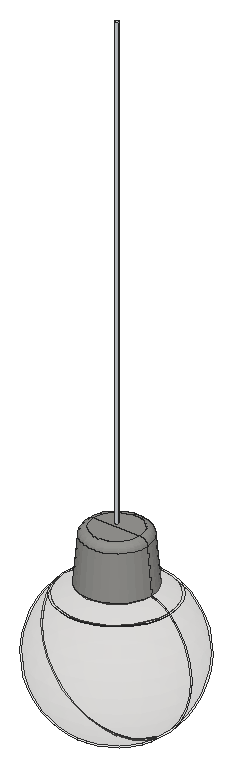
Revit family "CONV_Zero_GnrlPrpseLmnrs_ShibuyaSinglePendant", category Lighting Fixtures, host Ceiling, Revit 2015
Parameters (values of type "Shibuya Glass Shade Grey")
  Wattage Comments = "Recommended: 3.8W LED, 6W LED, 28W Halogen"
  Wattage = 3.16409 W
  WarrantyStartDate [instance] = "n/a"
  WarrantyGuarantorParts = "n/a"
  WarrantyGuarantorLabor = "n/a"
  WarrantyDurationUnit = "Year"
  WarrantyDurationParts = "n/a"
  WarrantyDurationLabor = "n/a"
  WarrantyDescription = "n/a"
  built-in parameter 1150110 = 1 (stored number, unit not read)
  VersionDate = "15/01/2018"  # constant formula
  Version = "1"  # constant formula
  UsageCurrent = 0 A
  Uniclass2015Reference = "Pr_70_70_48_86"
  Uniclass2015Description = "Suspended luminaires"
  Uniclass2 = "Pr_70_70_49_86"
  URL = "https://www.zerolighting.com/shibuyasingle-inompe/"
  TotalWattage = 28 W
  built-in parameter 1114217 = 1 (stored number, unit not read)
  Tilt Angle = 90.00°
  built-in parameter 1150109 = 1 (stored number, unit not read)
  built-in parameter 1150134 = (empty or 0)
  TagNumber [instance] = "n/a"
  SustainabilityPerformance = "n/a"
  built-in parameter 1150113 = 1 (stored number, unit not read)
  Size = "200x200x250 mm"
  Shape = "Sculptured"
  SerialNumber [instance] = "n/a"
  Revision = "n/a"
  ReplacementCost = "n/a"
  ProductInformation = "n/a"
  Photometric Web File = "Shibuya8224.IES"
  PhaseReference = "n/a"
  PhaseAngle = 0.00°
  Offset [instance] = -CableLength - 5.7 mm - NominalHeight  # -855.7 mm
  NumberOfSources = 0
  NumberOfPoles = 1
  NominalWidth = 200 mm
  NominalVoltageCalc = 0 V
  NominalVoltage = 230 V
  NominalRadius = 100 mm
  NominalLength = 200 mm
  NominalHeight = 250 mm
  NominalFrequencyRange = 50 Hz
  NominalDiameter = 200 mm
  NominalCurrent = 0 A
  Name = "GnrlPrpseLmnrs_ShibuyaSinglePendant"
  NBSReference = "90-60-50/405"
  NBSDescription = "General purpose luminaires"
  ModelType = shibuya02 : shibuya02
  ModelReference = "n/a"
  ModelNumber = "8224-1-11 + 8220-1-XX"
  Model = "Shibuya single Glass shade Grey"
  Material = "Metal"
  ManufacturersSpecificInformation = "n/a"
  ManufacturerURL = "https://www.zerolighting.com/"
  ManufacturerName = "Zero"
  Manufacturer = "Zero"
  MaintenanceFactor = 0
  Lumens = 470 lm
  built-in parameter 1150115 = 1 (stored number, unit not read)
  built-in parameter 1150105 = 86.538 (stored number, unit not read)
  LightFixtureSecondaryMaterial [instance] = Grey RAL 7030
  LightFixturePlacingType = "Ceiling"
  LightFixtureMountingType = "Suspended"
  LightFixtureMainMaterial = Glass Grey
  built-in parameter 1150137 = (empty or 0)
  built-in parameter 1150139 = (empty or 0)
  LensMaterial = Glass
  built-in parameter 1150112 = 1 (stored number, unit not read)
  built-in parameter 1150114 = 1 (stored number, unit not read)
  InsulationStandardClass = "n/a"
  InstallationDate [instance] = "n/a"
  built-in parameter 1150132 = 2
  built-in parameter 1150102 = (empty or 0)
  built-in parameter 1150138 = (empty or 0)
  built-in parameter 1150107 = 3000 (stored number, unit not read)
  built-in parameter 1150106 = 0.86538 (stored number, unit not read)
  IfcExportType = "NOTDEFINED"  # constant formula
  IfcExportAs = "IfcLightFixtureType"  # constant formula
  IP_Code = "IP20"
  HasProtectiveEarth = yes
  Grade = "n/a"
  Finish = "Painted aluminum.Shade in painted aluminum or glass"
  Features = "Light fitting art. no. -XX varies with color; -01 = White, -07 = Red, -95 = Grey"
  ExpiringDate = "07/2018"  # constant formula
  ExpectedLife = "n/a"
  ElectricalDeviceNominalPower = 0
  built-in parameter 1150104 = 13.8 (stored number, unit not read)
  EANNumber = "n/a"
  DurationUnit = "Year"
  Dimming Lamp Color Temperature Shift = <None>
  Designer = "Thomas Bernstrand"
  DefaultElevation = 0 mm
  ConvergoRefNr = "0046-1708-0022-SE"
  Constituents = "n/a"
  Color Filter = 16777215
  Color = "Grey"
  Collection = "Shibuya"
  CodePerformance = "n/a"
  Category = "Pendant"
  CableLength [instance] = 600 mm
  Brand = "Zero"
  Barcode [instance] = "n/a"
  built-in parameter 1114218 = 1 (stored number, unit not read)
  BIMObjectName = "CONV_Zero_GnrlPrpseLmnrs_ShibuyaSinglePendant"
  Author = "Convergo AB"  # constant formula
  built-in parameter 1150133 = 10 (stored number, unit not read)
  AssetType = "Fixed"
  AssetIdentifier [instance] = "n/a"
  ArticleNumber = "8224-1-11 + 8220-1-XX"
  AccessibilityPerformance = "n/a"
Types (6, lengths in mm): name | Wattage Comments | Wattage | Size | Photometric Web File | Offset | NominalWidth | NominalRadius | NominalLength | NominalHeight | NominalDiameter | ModelType | ModelNumber | Model | Lumens | built-in parameter 1150105 | LightFixtureMainMaterial | built-in parameter 1150106 | Color | ArticleNumber
  Shibuya Shade Alu White | "Recommended: 3.8W LED, 6W LED, 28W Halogen" | 3.16409 W | "200x200x250 mm" | "Shibuya8224.IES" | -850.2 | 200 | 100 | 200 | 244.5 | 200 | shibuya02 : shibuya02 | "8224-1-07 + 8220-1-XX" | "Shibuya single Glass shade Red" | 470 lm | 86.538 (stored number, unit not read) | Glass Red | 0.86538 (stored number, unit not read) | "Red" | "8224-1-07 + 8220-1-XX"
  Shibuya Glass Shade Grey | "Recommended: 3.8W LED, 6W LED, 28W Halogen" | 3.16409 W | "200x200x250 mm" | "Shibuya8224.IES" | -855.7 | 200 | 100 | 200 | 250 | 200 | shibuya02 : shibuya02 | "8224-1-11 + 8220-1-XX" | "Shibuya single Glass shade Grey" | 470 lm | 86.538 (stored number, unit not read) | Glass Grey | 0.86538 (stored number, unit not read) | "Grey" | "8224-1-11 + 8220-1-XX"
  Shibuya Shade Alu Red | "Recommended: 6W LED, 20W Low energy" | 8.21317 W | "300x300x190 mm" | "Shibuya82231.IES" | -795.7 | 300 | 150 | 300 | 190 | 300 | shibuya01 : shibuya01 | "8223-1-07 + 8220-1-XX" | "Shibuya single Shade alu Red" | 1220 lm | 97.085 (stored number, unit not read) | Red RAL 3001 | 0.97085 (stored number, unit not read) | "Red" | "8223-1-07 + 8220-1-XX"
  Shibuya Shade Alu Grey | "Recommended: 6W LED, 20W Low energy" | 8.21317 W | "300x300x190 mm" | "Shibuya82231.IES" | -795.7 | 300 | 150 | 300 | 190 | 300 | shibuya01 : shibuya01 | "8223-1-95 + 8220-1-XX" | "Shibuya single Shade alu Grey" | 1220 lm | 97.085 (stored number, unit not read) | Grey RAL 7030 | 0.97085 (stored number, unit not read) | "Grey" | "8223-1-95 + 8220-1-XX"
  Shibuya Glass Shade Red | "Recommended: 3.8W LED, 6W LED, 28W Halogen" | 3.16409 W | "200x200x250 mm" | "Shibuya8224.IES" | -850.2 | 200 | 100 | 200 | 244.5 | 200 | shibuya02 : shibuya02 | "8224-1-07 + 8220-1-XX" | "Shibuya single Glass shade Red" | 470 lm | 86.538 (stored number, unit not read) | Glass Red | 0.86538 (stored number, unit not read) | "Red" | "8224-1-07 + 8220-1-XX"
  Shibuya Glass Shade Cognac | "Recommended: 3.8W LED, 6W LED, 28W Halogen" | 3.16409 W | "200x200x250 mm" | "Shibuya8224.IES" | -855.7 | 200 | 100 | 200 | 250 | 200 | shibuya02 : shibuya02 | "8224-1-16 + 8220-1-XX" | "Shibuya single Glass shade Cognac" | 470 lm | 86.538 (stored number, unit not read) | Glass Red | 0.86538 (stored number, unit not read) | "Cognac" | "8224-1-16 + 8220-1-XX"
Reference planes
  plane 1 "Light Source Axis (F/B)": y = 0
  plane 2: z = 0
  plane 3 "Light Source Axis (L/R)": x = 0
  plane 4 "Ceiling": z = 0
  plane 5 "Light Source Elevation": z = -790
  plane 6: y = 100
  plane 7: y = -100
  plane 8: z = -600
  plane 9: z = -850
  plane 10: x = -100
  plane 11: x = 100
Forms (mm)
  Extrusion 1, solid, material "Grey RAL 7030" <- "LightFixtureSecondaryMaterial", detail levels coarse
    sketch origin (0, 0, -111) x (-1, 0, 0) y (0, -1, 0)
      loop
        line (100, 100) -> (-100, 100) -> (-100, -100) -> (100, -100) -> (100, 100)
    from 111 to -739
  Extrusion 2, solid, detail levels medium+fine
    sketch origin (0, 0, -790) x (-1, 0, 0) y (0, -1, 0)
      loop
        circle (0, 0) r 2.5
    from 190 to 790
Lines and regions (mm)
  symbolic lines, detail levels medium+fine
    curve 1: line (0, 2.624, 0) -> (0, 2.624, -600)
    curve 2: line (0, -2.376, -600) -> (0, -2.376, 0)
    curve 3: line (2.5, 0, -600) -> (2.5, 0, 0)
    curve 4: line (-2.5, 0, 0) -> (-2.5, 0, -600)
  symbolic lines, detail levels coarse
    curve 5: line (100, 0, -850) -> (-100, 0, -850)
    curve 6: line (100, 0, 0) -> (100, 0, -850)
    curve 7: line (-100, 0, 0) -> (100, 0, 0)
    curve 8: line (-100, 0, -850) -> (-100, 0, 0)
    curve 9: line (0, 100, -850) -> (0, 100, 0)
    curve 10: line (0, -100, 0) -> (0, -100, -850)
    curve 11: line (0, 100, 0) -> (0, -100, 0)
    curve 12: line (0, -100, -850) -> (0, 100, -850)
    curve 13: line (-100, 100, 0) -> (100, 100, 0)
    curve 14: line (-100, -100, 0) -> (-100, 100, 0)
    curve 15: line (100, -100, 0) -> (-100, -100, 0)
    curve 16: line (100, 100, 0) -> (100, -100, 0)
Dimensions and locks
  equal spacing: host sketch curve, plane 3 "Light Source Axis (L/R)", host sketch curve
  equal spacing: host sketch curve, plane 1 "Light Source Axis (F/B)", host sketch curve
  host sketch curve to host sketch curve = 4000 mm  (x2)
  locked: plane 4 "Ceiling" to host ceiling at 0
  equal spacing: plane 6, plane 1 "Light Source Axis (F/B)", plane 7
  "NominalWidth": plane 6 to plane 7
  equal spacing: Extrusion 1, plane 3 "Light Source Axis (L/R)", Extrusion 1
  "NominalLength": Extrusion 1 to Extrusion 1
  "CableLength": plane 8 to level
  "NominalHeight": plane 9 to plane 8
  locked: plane 5 "Light Source Elevation" to plane 8 at 190
  equal spacing: plane 10, plane 3 "Light Source Axis (L/R)", plane 11
  "NominalLength": plane 10 to plane 11
  aligned and locked: plane 3 "Light Source Axis (L/R)" to imposter light
  aligned and locked: plane 1 "Light Source Axis (F/B)" to imposter light
  aligned and locked: level to Extrusion 2
  aligned and locked: Extrusion 2 to plane 8
  aligned and locked: imposter light to plane 5 "Light Source Elevation"
  aligned and locked: Extrusion 1 to plane 9
  aligned and locked: curve 5 to Extrusion 1
  aligned and locked: curve 6 to Extrusion 1
  aligned and locked: curve 7 to Extrusion 1
  aligned and locked: curve 8 to Extrusion 1
  aligned and locked: curve 9 to Extrusion 1
  aligned and locked: curve 10 to Extrusion 1
  aligned and locked: curve 11 to Extrusion 1
  aligned and locked: curve 12 to Extrusion 1
  aligned and locked: plane 6 to curve 13
  aligned and locked: curve 14 to plane 10
  aligned and locked: plane 11 to curve 16
Automatic sketch dimensions
  plane 7 to Extrusion 1 sketch curve = 0 mm
  plane 6 to Extrusion 1 sketch curve = 0 mm
  plane 3 "Light Source Axis (L/R)" to Extrusion 1 sketch curve = 100 mm
  Extrusion 1 sketch curve to plane 3 "Light Source Axis (L/R)" = 100 mm
  plane 1 "Light Source Axis (F/B)" to Extrusion 2 sketch curve = 0 mm
  Extrusion 2 sketch curve to plane 3 "Light Source Axis (L/R)" = 0 mm
  curve 2 to plane 8 = 0 mm
  curve 1 to plane 8 = 0 mm
  curve 1 to level = 0 mm
  plane 1 "Light Source Axis (F/B)" to curve 2 = 2.376 mm
  curve 1 to plane 1 "Light Source Axis (F/B)" = 2.624 mm
  curve 4 to plane 8 = 0 mm
  curve 3 to plane 8 = 0 mm
  curve 4 to plane 3 "Light Source Axis (L/R)" = 2.5 mm
  plane 3 "Light Source Axis (L/R)" to curve 3 = 2.5 mm
  curve 10 to plane 7 = 0 mm
  curve 11 to plane 6 = 0 mm
  plane 5 "Light Source Elevation" to curve 10 = 60 mm
  curve 15 to plane 7 = 0 mm
  radius of Extrusion 2 sketch curve = 2.5 mm
Nested families
  nested 1: "shibuya02" at (0, 0, -855.7), Material2 <- "LightFixtureSecondaryMaterial", type <- "ModelType", Material3 <- "LensMaterial", Material1 <- "LightFixtureMainMaterial", built-in parameter 1001364 <- "Offset", type "shibuya02"
    with Material3 Glass, Material2 Grey RAL 7030, Material1 Glass Grey
Connectors
  electrical at (0, 0, 0), driven by "NominalVoltage"
    settings: on Extrusion 2, index 1, voltage 230 V, apparent load 0 VA, apparent load phase1 0 VA, apparent load phase2 0 VA, apparent load phase3 0 VA, power factor 1, load classification "Other", number of poles 1, system type 31, power factor state 1, is connector primary yes, connector utility no, sub classification motor no, connector description ""
Definition of nested family "shibuya02"
  Parameters (values of type "shibuya02")
    Material3 [instance] = none
    Material2 [instance] = none
    Material1 [instance] = none
  Reference planes
    plane 1 "Center (Front/Back)": y = 0
    plane 2: z = 0
    plane 3 "Center (Left/Right)": x = 0
  Forms (mm)
    Revolve 1, solid, material <- "Material2", detail levels medium+fine
      sketch origin (0, 0, 0) x (1, 0, 0) y (0, 0, 1)
        loop
          line (0, 250) -> (-30.934, 250)
          arc (-30.934, 250) -> (-37.651, 247.409) -> (-40.886, 240.978) r 10
          line (-40.886, 240.978) -> (-46.441, 184.439) -> (-45.436, 184.439) -> (-39.891, 240.88)
          arc (-39.891, 240.88) -> (-36.979, 246.668) -> (-30.934, 249) r 9
          line (-30.934, 249) -> (0, 249) -> (0, 250)
        axis (0, 250) -> (0, 184.439)
      angle from 0 to 360
    Revolve 2, solid, material <- "Material1", detail levels medium+fine
      sketch origin (0, 0, 0) x (1, 0, 0) y (0, 0, 1)
        loop
          arc (1.001, -0.249) -> (93.355, 61.402) -> (71.835, 170.338) r 100
          arc (71.835, 170.338) -> (60.133, 179.18) -> (46.441, 184.439) r 52.507
          line (46.441, 184.439) -> (45.436, 184.439) -> (45.436, 182.615)
          arc (45.436, 182.615) -> (58.028, 178.047) -> (68.983, 170.338) r 50.648
          arc (68.983, 170.338) -> (91.889, 63.101) -> (1.001, 1.751) r 98
          line (1.001, 1.751) -> (1.001, -0.249)
        axis (0, -0.249) -> (0, 184.439)
      angle from 0 to 360
  Lines and regions (mm)
    symbolic lines, detail levels medium+fine
      curve 1: line (0, 0, 249.993) -> (0, 31.092, 249.993)
      curve 2: arc (0, 31.092, 249.993) -> (0, 38.106, 247.088) -> (0, 41.011, 240.074) r 9.919
      curve 3: line (0, 41.011, 240.074) -> (0, 46.441, 184.439)
      curve 4: arc (0, 46.441, 184.439) -> (0, 60.84, 178.704) -> (0, 73.006, 169.102) r 53.809
      curve 5: arc (0, 73.006, 169.102) -> (0, 92.988, 138.589) -> (0, 101.056, 103.02) r 102.789
      curve 6: arc (0, 101.056, 103.02) -> (0, 97.441, 72.329) -> (0, 84.244, 44.386) r 95.811
      curve 7: arc (0, 84.244, 44.386) -> (0, 66.587, 24.228) -> (0, 44.169, 9.549) r 98.915
      curve 8: arc (0, 44.169, 9.549) -> (0, 22.638, 2.213) -> (0, 0, 0) r 98.722
      curve 10: line (0, 0, 249.993) -> (0, -31.092, 249.993)
      curve 11: arc (0, -31.092, 249.993) -> (0, -38.106, 247.088) -> (0, -41.011, 240.074) r 9.919
      curve 12: line (0, -41.011, 240.074) -> (0, -46.441, 184.439)
      curve 13: arc (0, -46.441, 184.439) -> (0, -60.84, 178.704) -> (0, -73.006, 169.102) r 53.809
      curve 14: arc (0, -73.006, 169.102) -> (0, -92.988, 138.589) -> (0, -101.056, 103.02) r 102.789
      curve 15: arc (0, -101.056, 103.02) -> (0, -97.441, 72.329) -> (0, -84.244, 44.386) r 95.811
      curve 16: arc (0, -84.244, 44.386) -> (0, -66.587, 24.228) -> (0, -44.169, 9.549) r 98.915
      curve 17: arc (0, -44.169, 9.549) -> (0, -22.638, 2.213) -> (0, 0, 0) r 98.722
      curve 19: line (0, 0, 250.029) -> (-30, 0, 250.029)
      curve 20: arc (-30, 0, 250.029) -> (-37.192, 0, 247.856) -> (-40.812, 0, 241.273) r 9.948
      curve 21: line (-40.812, 0, 241.273) -> (-46.441, 0, 184.439)
      curve 22: arc (-46.441, 0, 184.439) -> (-65.367, 0, 175.841) -> (-79.92, 0, 160.997) r 56.667
      curve 23: arc (-79.92, 0, 160.997) -> (-95.706, 0, 132.06) -> (-101.082, 0, 99.538) r 98.695
      curve 24: arc (-101.082, 0, 99.538) -> (-95.581, 0, 67.06) -> (-79.92, 0, 38.079) r 100.984
      curve 25: arc (-79.92, 0, 38.079) -> (-63.15, 0, 21.243) -> (-42.757, 0, 9.045) r 95.952
      curve 26: arc (-42.757, 0, 9.045) -> (-21.847, 0, 2.307) -> (0, 0, 0) r 106.588
      curve 27: line (0, 0, 250.029) -> (30, 0, 250.029)
      curve 28: arc (30, 0, 250.029) -> (37.192, 0, 247.856) -> (40.812, 0, 241.273) r 9.948
      curve 29: line (40.812, 0, 241.273) -> (46.441, 0, 184.439)
      curve 30: arc (46.441, 0, 184.439) -> (65.367, 0, 175.841) -> (79.92, 0, 160.997) r 56.667
      curve 31: arc (79.92, 0, 160.997) -> (95.706, 0, 132.06) -> (101.082, 0, 99.538) r 98.695
      curve 32: arc (101.082, 0, 99.538) -> (95.581, 0, 67.06) -> (79.92, 0, 38.079) r 100.984
      curve 33: arc (79.92, 0, 38.079) -> (63.15, 0, 21.243) -> (42.757, 0, 9.045) r 95.952
      curve 34: arc (42.757, 0, 9.045) -> (21.847, 0, 2.307) -> (0, 0, 0) r 106.588
      curve 36: circle (0, 0, 0) r 150 normal (0, 0, 1)
    symbolic lines, detail levels fine
      curve 9: line (0, 46.441, 184.439) -> (0, 0, 184.439)
      curve 18: line (0, -46.441, 184.439) -> (0, 0, 184.439)
      curve 35: line (-46.441, 0, 184.439) -> (46.441, 0, 184.439)
      curve 37: arc (45.436, 0, 0) -> (0, 45.436, 0) -> (-45.436, 0, 0) r 45.436
      curve 38: arc (-45.436, 0, 0) -> (0, -45.436, 0) -> (45.436, 0, 0) r 45.436
  Dimensions and locks
    aligned and locked: level to plane 2
